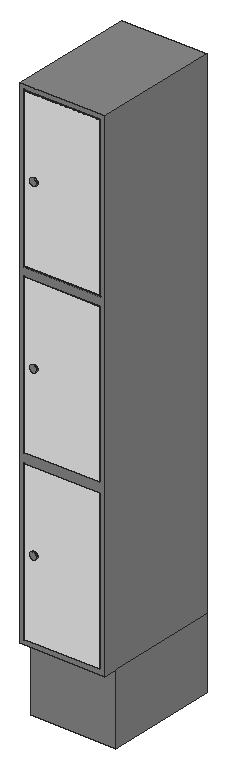
Revit family
Parameters
  Width [instance] = 300 mm
  Vis Ironmongery = yes
  Plinth Setback [instance] = 50 mm
  Plinth Height [instance] = 250 mm
  Material Plinth = Paint - Grey
  Material Locker = Paint - Grey
  Material Door = Paint - White
  Locker Height [instance] = 1775 mm
  Keynote = "N"
  Depth [instance] = 450 mm
Reference planes
  plane 1 "Center (Front/Back)": y = 150
  plane 2: z = 0
  plane 3 "Center (Left/Right)": x = -154.179
  plane 4: y = 600
  plane 5: x = -304.179
  plane 6: x = -4.179
  plane 7: z = 250
  plane 8: z = 2025
  plane 9: z = 2010
  plane 10: z = 265
  plane 11: x = -289.179
  plane 12: x = -19.179
  plane 13: z = 1448.333
  plane 14: z = 1433.333
  plane 15: z = 1418.333
  plane 16: z = 856.667
  plane 17: z = 841.667
  plane 18: z = 826.667
  plane 19: x = -44.179
  plane 20: x = -94.179
  plane 21: z = 1729.167
Forms (mm)
  Extrusion 1, solid, material "Paint - Grey" <- "Material Plinth"
    sketch origin (0, 0, 0) x (1, 0, 0) y (0, 1, 0)
      loop
        line (-304.179, 600) -> (-304.179, 200) -> (-4.179, 200) -> (-4.179, 600) -> (-304.179, 600)
    from 0 to 250
  Extrusion 2, solid, material "Paint - Grey" <- "Material Locker"
    sketch origin (-154.179, 0, 0) x (0, 1, 0) y (0, 0, 1)
      loop
        line (150, 2025) -> (150, 250) -> (600, 250) -> (600, 2025) -> (150, 2025)
    from -150 to 150
  Extrusion 3, void
    sketch origin (-4.179, 150, 2025) x (1, 0, 0) y (0, 0, -1)
      loop
        line (-285, 1760) -> (-285, 1198.333) -> (-15, 1198.333) -> (-15, 1760) -> (-285, 1760)
      loop
        line (-285, 1168.333) -> (-285, 606.667) -> (-15, 606.667) -> (-15, 1168.333) -> (-285, 1168.333)
      loop
        line (-285, 576.667) -> (-285, 15) -> (-15, 15) -> (-15, 576.667) -> (-285, 576.667)
    from 0 to 435
  Extrusion 4, solid, material "Paint - White" <- "Material Door"
    sketch origin (-4.179, 150, 2025) x (-1, 0, 0) y (0, 0, -1)
      loop
        line (282, 18) -> (282, 573.667) -> (18, 573.667) -> (18, 18) -> (282, 18)
      loop
        line (282, 609.667) -> (282, 1165.333) -> (18, 1165.333) -> (18, 609.667) -> (282, 609.667)
      loop
        line (282, 1201.333) -> (282, 1757) -> (18, 1757) -> (18, 1201.333) -> (282, 1201.333)
    from -15 to 0
  Extrusion 5, solid, material "Paint - Grey" <- "Material Locker", visible <- "Vis Ironmongery"
    sketch origin (0, 150, 0) x (1, 0, 0) y (0, 0, 1)
      loop
        circle (-254.179, 1729.167) r 12.5
      loop
        circle (-254.179, 1137.5) r 12.5
      loop
        circle (-254.179, 545.833) r 12.5
    from 0 to 3
Cuts and joins
  Extrusion 3 cuts Extrusion 1
  Extrusion 3 cuts Extrusion 2
Lines and regions (mm)
  Masking region 1
    outline origin (0, 0, 0) x (1, 0, 0) y (0, 1, 0)
      loop
        line (-304.179, 600) -> (-304.179, 150) -> (-4.179, 150) -> (-4.179, 600) -> (-304.179, 600)
  model lines, style "InvisibleLines"
    curve 1: line (-154.179, 150, 2025) -> (-154.179, 600, 2025)
  symbolic lines
    curve 2: line (-304.179, 150, 0) -> (-304.179, 600, 0)
    curve 3: line (-304.179, 150, 0) -> (-4.179, 150, 0)
    curve 4: line (-4.179, 150, 0) -> (-4.179, 600, 0)
    curve 5: line (-4.179, 600, 0) -> (-304.179, 600, 0)
  symbolic lines, visible <- "Vis Ironmongery"
    curve 6: line (-266.679, 147, 0) -> (-241.679, 147, 0)
  symbolic lines, style "Hidden Lines", detail levels fine
    curve 7: line (-304.179, 200, 0) -> (-4.179, 200, 0)
Dimensions and locks
  equal spacing: plane 5, plane 3 "Center (Left/Right)", plane 6
  "Width": plane 5 to plane 6
  "Depth": plane 1 "Center (Front/Back)" to plane 4
  "Locker Height": plane 8 to plane 7
  "Plinth Height": plane 7 to level
  locked: plane 8 to plane 9 at 15
  locked: plane 10 to plane 7 at 15
  locked: plane 5 to plane 11 at 15
  locked: plane 12 to plane 6 at 15
  equal spacing: plane 8, plane 14, plane 17, plane 7
  "Plinth Setback": plane 1 "Center (Front/Back)" to cut or joined group of Extrusion 1, Extrusion 3
  locked: plane 11 to Extrusion 5 sketch curve at 35  (x3)
  equal spacing: plane 8, Extrusion 5 sketch curve, plane 14
  equal spacing: plane 14, Extrusion 5 sketch curve, plane 17
  equal spacing: plane 17, Extrusion 5 sketch curve, plane 7
  equal spacing: plane 13, plane 14, plane 15, locked at 15 each
  equal spacing: plane 16, plane 17, plane 18, locked at 15 each
  locked: plane 16 to plane 18 at 30
  locked: plane 13 to plane 15 at 30
  aligned and locked: Extrusion 1 to plane 7
  aligned and locked: Extrusion 1 to level
  aligned and locked: Extrusion 2 sketch curve to curve 1
  aligned and locked: plane 5 to Extrusion 2
  aligned and locked: Extrusion 2 to plane 6
  aligned and locked: curve 2 to cut or joined group of Extrusion 2, Extrusion 3
  aligned and locked: curve 3 to cut or joined group of Extrusion 2, Extrusion 3
  aligned and locked: curve 4 to cut or joined group of Extrusion 2, Extrusion 3
  aligned and locked: curve 5 to cut or joined group of Extrusion 2, Extrusion 3
  aligned and locked: curve 6 to Extrusion 5
  aligned and locked: curve 7 to cut or joined group of Extrusion 1, Extrusion 3
  aligned: plane 5 to Masking region 1 sketch curve
  aligned: plane 1 "Center (Front/Back)" to Masking region 1 sketch curve
Automatic sketch dimensions
  Extrusion 1 sketch curve to plane 1 "Center (Front/Back)" = 50 mm
  Extrusion 1 sketch curve to plane 5 = 0 mm
  Extrusion 1 sketch curve to plane 6 = 0 mm
  Extrusion 1 sketch curve to plane 4 = 0 mm
  curve 1 to plane 1 "Center (Front/Back)" = 0 mm
  curve 1 to plane 4 = 0 mm
  curve 1 to plane 8 = 0 mm
  Extrusion 2 sketch curve to plane 1 "Center (Front/Back)" = 0 mm
  Extrusion 2 sketch curve to plane 4 = 0 mm
  Extrusion 2 sketch curve to plane 7 = 0 mm
  Extrusion 3 sketch curve to plane 10 = 0 mm
  Extrusion 3 sketch curve to plane 11 = 0 mm  (x3)
  Extrusion 3 sketch curve to plane 12 = 0 mm  (x3)
  Extrusion 3 sketch curve to plane 9 = 0 mm
  Extrusion 3 sketch curve to plane 13 = 0 mm
  Extrusion 3 sketch curve to plane 15 = 0 mm
  Extrusion 3 sketch curve to plane 16 = 0 mm
  Extrusion 3 sketch curve to plane 18 = 0 mm
  Extrusion 4 sketch curve to plane 12 = 3 mm  (x3)
  Extrusion 4 sketch curve to plane 11 = 3 mm  (x3)
  plane 9 to Extrusion 4 sketch curve = 3 mm
  Extrusion 4 sketch curve to plane 13 = 3 mm
  plane 15 to Extrusion 4 sketch curve = 3 mm
  Extrusion 4 sketch curve to plane 16 = 3 mm
  plane 18 to Extrusion 4 sketch curve = 3 mm
  Extrusion 4 sketch curve to plane 10 = 3 mm
  curve 2 to plane 4 = 0 mm
  curve 2 to plane 5 = 0 mm
  curve 3 to plane 1 "Center (Front/Back)" = 0 mm
  curve 3 to plane 6 = 0 mm
  plane 1 "Center (Front/Back)" to curve 6 = 3 mm
  curve 6 to plane 11 = 22.5 mm
  curve 6 to curve 6 = 25 mm
  curve 7 to plane 1 "Center (Front/Back)" = 50 mm
  Masking region 1 sketch curve to plane 1 "Center (Front/Back)" = 0 mm
  Masking region 1 sketch curve to plane 5 = 0 mm
  Masking region 1 sketch curve to plane 6 = 0 mm
  Masking region 1 sketch curve to plane 4 = 0 mm
  radius of Extrusion 5 sketch curve = 12.5 mm  (x3)
